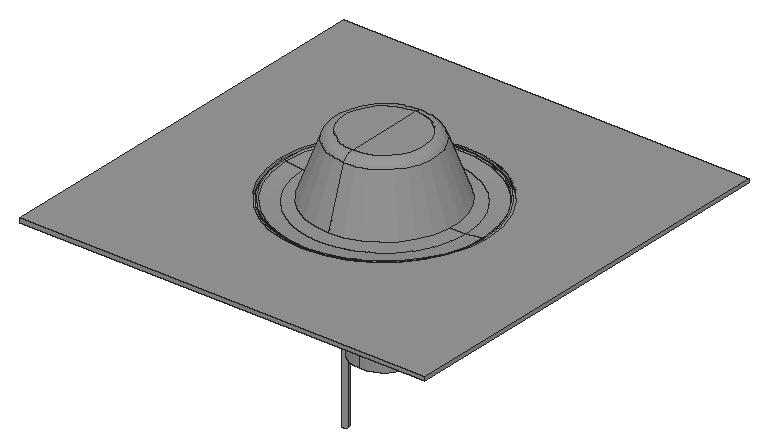
Revit family "HL_Dachablauf_HL62.1H-B-221103", category Instalační zařizovací předměty, Revit 2021
Family settings
  Kóta kulaté spojky = Použít průměr
  Typ dílu = Normální
  Číslo OmniClass = 23.70.50.21.24.14
  Nadpis OmniClass = Deck Waste Water Drains
  Založené na pracovní rovině = Ne
  Vždy vertikální = Ano
  Ořezat dutým tvarem při načtení = Ne
  Sdílené = Ne
  Bod výpočtu místnosti = Ano
Parameters
  Výchozí výška = 0 mm
  Výrobce = "HL Hutterer & Lechner GmbH"  # constant formula
  VOLUMENSTROM [instance] = 0.0 L/s
  URL = "http://www.hutterer-lechner.com/de/products/catalog/roof-drains/HL62.1H/7.aspx"
  RECHTSAUSKUNFT = "Urheberrechte (©), Designrechte und alle anderen Rechte am geistigen Eigentum, sind ausschließlich Eigentum der Firma HL Hutterer&Lechner GmbH. Änderungen sind nicht gestattet. Die Familien (Teile) sind mit Wasserzeichen geschützt."
  MATERIAL = "PP"
  LEISTUNG = "9,9 l/s"
  GEWICHT = "1,99 [kg]"
  EINLAUFROST = "Laubfangkorb d 145mm"
  EINBAUHÖHE = "100 mm"
  EAN = "9003076806225"
  DURCHMESSER = 75 mm
  DIMENSION = "DN75"
  Abdeckung Material [instance] = none
  Přípoj ventilace = no
  Přípoj odpadních dílů = yes
  Přípoj HW = no
  Přípoj CW = no
  Popis = "Dachabläufe"
  Model = "HL62.1H_7"
  Assembly Code = " "
  Type Comments = "HL62.1H/7 Dachablauf DN75 mit Bitumenmanschette und Heizung (10_30W/230V),"
  Keynote = "HL62.1H_7"
  Einbauhöhe [instance] = 0 mm
  G [instance] = 180.00°  # constant formula
  D [instance] = if(DURCHMESSER = 160 mm, 64.6 mm, 71.7 mm) + Einbauhöhe  # 71.7 mm
  C [instance] = if(Einbauhöhe - 68 mm < 0 mm, 0 mm, Einbauhöhe - 68 mm)  # 0 mm
  B [instance] = 100 mm  # constant formula
  A [instance] = if(B - 100 mm > 15 mm, B - 100 mm, 15 mm)  # 15 mm
Types (5, lengths in mm): name | URL | LEISTUNG | GEWICHT | EAN | DURCHMESSER | DIMENSION | Model | Type Comments | Keynote | D
  (no name) | "http://www.hutterer-lechner.com/de/products/catalog/roof-drains/HL62.1H/7.aspx" | "9,9 l/s" | "1,99 [kg]" | "9003076806225" | 75 | "DN75" | "HL62.1H_7" | "HL62.1H/7 Dachablauf DN75 mit Bitumenmanschette und Heizung (10_30W/230V)," | "HL62.1H_7" | 71.7
  HL_Dachablauf_HL62.1H_1 | "http://www.hutterer-lechner.com/de/products/catalog/roof-drains/HL62.1H/1.aspx" | "10,7 l/s" | "1,97 [kg]" | "9003076816217" | 110 | "DN110" | "HL62.1H_1" | "HL62.1H/1 Dachablauf DN110 mit Bitumenmanschette und Heizung (10_30W/230V)," | "HL62.1H_1" | 71.7
  HL_Dachablauf_HL62.1H_2 | "http://www.hutterer-lechner.com/de/products/catalog/roof-drains/HL62.1H/2.aspx" | "14,0 l/s" | "1,97 [kg]" | "9003076826216" | 125 | "DN125" | "HL62.1H_2" | "HL62.1H/2 Dachablauf DN125 mit Bitumenmanschette und Heizung (10_30W/230V)," | "HL62.1H_2" | 71.7
  HL_Dachablauf_HL62.1H_5 | "http://www.hutterer-lechner.com/de/products/catalog/roof-drains/HL62.1H/5.aspx" | "14,1 l/s" | "2 [kg]" | "9003076836215" | 160 | "DN160" | "HL62.1H_5" | "HL62.1H/5 Dachablauf DN160 mit Bitumenmanschette und Heizung (10_30W/230V)," | "HL62.1H_5" | 64.6
  HL_Dachablauf_HL62.1H_7 | "http://www.hutterer-lechner.com/de/products/catalog/roof-drains/HL62.1H/7.aspx" | "9,9 l/s" | "1,99 [kg]" | "9003076806225" | 75 | "DN75" | "HL62.1H_7" | "HL62.1H/7 Dachablauf DN75 mit Bitumenmanschette und Heizung (10_30W/230V)," | "HL62.1H_7" | 71.7
Reference planes
  plane 1 "Center (Front/Back)": y = 0
  plane 2: z = 0
  plane 3 "Center (Left/Right)": x = 0
  plane 4: z = -100
  plane 5: z = 0
Lines and regions (mm)
  model lines, style "InvisibleLines"
    curve 1: line (0, 0, 0) -> (0, 0, 20)
  model lines, style "PlumbingFixtures", detail levels coarse+medium
    curve 2: line (0, 0, -100) -> (0, 0, -85)
    curve 3: line (0, 0, -85) -> (-85, 0, 0)
    curve 4: line (0, 0, -85) -> (85, 0, 0)
    curve 6: line (0, 0, -100) -> (0, 0, -171.7)
  reference lines, not visible
    curve 5: line (0, 0, -100) -> (0, 0, -171.7)
  symbolic lines, style "PlumbingFixtures", detail levels coarse+medium
    curve 7: line (-75, 75, 0) -> (75, 75, 0)
    curve 8: line (-75, -75, 0) -> (-75, 75, 0)
    curve 9: line (75, -75, 0) -> (-75, -75, 0)
    curve 10: line (75, 75, 0) -> (75, -75, 0)
    curve 11: line (-75, 75, 0) -> (-145.711, 145.711, 0)
    curve 12: line (75, 75, 0) -> (145.711, 145.711, 0)
    curve 13: line (-75, -75, 0) -> (-145.711, -145.711, 0)
    curve 14: line (75, -75, 0) -> (145.711, -145.711, 0)
  symbolic lines, style "PlumbingFixtures", not visible, detail levels coarse+medium
    curve 15: line (-75, 75, 0) -> (75, 75, 0)
    curve 16: line (-75, -75, 0) -> (-75, 75, 0)
    curve 17: line (75, -75, 0) -> (-75, -75, 0)
    curve 18: line (75, 75, 0) -> (75, -75, 0)
    curve 19: line (-75, 75, 0) -> (-145.711, 145.711, 0)
    curve 20: line (75, 75, 0) -> (145.711, 145.711, 0)
    curve 21: line (-75, -75, 0) -> (-145.711, -145.711, 0)
    curve 22: line (75, -75, 0) -> (145.711, -145.711, 0)
Text (mm)
  text "FLOOR" at (-162.344, 0, -10.979), in view "Drain Construction View"
Dimensions and locks
  "B": plane 2 to plane 4
  "Einbauhöhe": plane 2 to plane 5
  "A": curve 4 to plane 4
  "D": curve 5 to curve 5
  "D": curve 6 to curve 6
  locked: curve 4 to plane 3 "Center (Left/Right)" (angle 45.00°)
  locked: plane 3 "Center (Left/Right)" to curve 3 (angle 45.00°)
  "G": angle curve 5 to plane 3 "Center (Left/Right)"
  aligned and locked: level to plane 2
  aligned and locked: plane 2 to curve 4
  aligned and locked: plane 2 to curve 3
  aligned and locked: plane 4 to curve 5
  aligned and locked: plane 3 "Center (Left/Right)" to curve 5
  aligned and locked: plane 4 to curve 2
  aligned and locked: curve 6 to plane 3 "Center (Left/Right)"
  aligned and locked: curve 6 to plane 4
  aligned and locked: nested 1 to plane 5
  aligned and locked: nested 1 to plane 3 "Center (Left/Right)"
  aligned and locked: plane 2 to nested 2
  aligned and locked: plane 3 "Center (Left/Right)" to nested 2
Automatic sketch dimensions
  curve 2 to plane 3 "Center (Left/Right)" = 0 mm
  curve 1 to plane 3 "Center (Left/Right)" = 0 mm
  curve 1 to level = 0 mm
  level to curve 1 = 20 mm
Nested families
  nested 1: "HL_Dachablaufkörper_HL62.1H" at (0, 0, -4.7), DURCHMESSER <- "DURCHMESSER", type "HL_Dachablaufkörper_HL62.1H"
    with OOD 48 mm, L 65 mm, DURCHMESSER 75 mm
  nested 2: "HL_Zubehör_HL062.1E" at (0, 0, 0), type "HL_Zubehör_HL062.1E"
Connectors
  piping at (0, 0, -171.7), diameter 75, driven by "VOLUMENSTROM", driven by "DURCHMESSER"
    settings: on curve 5, index 1, connector inside diameter 609.6 mm, connector length 0 mm, flow factor 0, pipe flow 0.0 L/s, pressure drop 0.0 Pa, fitting loss kfactor 0, connector angle 0.00°, fixture units 0, engagement length 0 mm, angle of deflection 0.00°, flow configuration 1, flow direction 2, fitting loss method 0, system type 16, joint type 0, gender type 0, connector reference index -1, connector utility 0, adjustable connector yes, is connector primary yes, connector description ""
Definition of nested family "HL_Dachablaufkörper_HL62.1H"
  Parameters (values of type "HL_Dachablaufkörper_HL62.1H")
    Default Elevation = 0 mm
    Manufacturer = ""
    URL = ""
    Description = ""
    OOD [instance] = if(DURCHMESSER = 75 mm, 48 mm, if(DURCHMESSER = 110 mm, 63.7 mm, if(DURCHMESSER = 125 mm, 69 mm, if(DURCHMESSER = 160 mm, 111 mm, 0 mm))))  # 63.7 mm
    Model = ""
    L [instance] = if(DURCHMESSER = 160 mm, 57.9 mm, 65 mm)  # 65 mm
    Type Comments = ""
    DURCHMESSER [instance] = 110 mm
    Cost = 0
  Reference planes
    plane 1 "Střed (vpředu/vzadu)": y = 0
    plane 2: z = 0
    plane 3 "Střed (vlevo/vpravo)": x = 0
    plane 4: z = -102.02
  Forms (mm)
    Revolve 1, solid, detail levels fine
      sketch origin (0, 0, 0) x (1, 0, 0) y (0, 0, 1)
        loop
          line (-77.396, -30.784) -> (-82.772, -25.408) -> (-82.772, -4.05) -> (-102.772, -4.05) -> (-113.899, 0) -> (-177, 0) -> (-177, -3) -> (-127.89, -3) -> (-105.416, -11.18) -> (-88.084, -11.18) -> (-88.084, -27.167) -> (-79.985, -31.474) -> (-79.985, -102.02) -> (0, -102.02) -> (0, -35.37) -> (-76.081, -35.37) -> (-77.396, -30.784)
        axis (0, 0) -> (0, -102.02)
      angle from 0 to 360
    Extrusion 2, solid, detail levels fine
      sketch origin (0, 0, 0) x (1, 0, 0) y (0, 1, 0)
        loop
          line (-250, 250) -> (-250, -250) -> (250, -250) -> (250, 250) -> (-250, 250)
        loop
          circle (0, 0) r 127.89
      from 0 to 4.7
    Sweep 3, solid, detail levels fine
      path origin (-63.7, 0, -263.782) x (0, 0, 1) y (-1, 0, 0)
        loop
          line (0, 0) -> (166.285, 0)
          arc (166.285, 0) -> (176.156, -4.089) -> (180.245, -13.96) r 13.96
          line (180.245, -13.96) -> (180.245, -31.056)
      profile origin (-63.7, 0, -180.64) x (-1, 0, 0) y (0, -1, 0)
        loop
          circle (0, 0) r 4
    Revolve 4, solid, detail levels fine
      sketch origin (0, 0, 0) x (1, 0, 0) y (0, 0, 1)
        loop
          line (-124.587, 4.544) -> (-123.526, 3.482) -> (-101.674, 0.256) -> (-79.715, 0.256) -> (-79.715, -21.456) -> (-75.875, -21.456) -> (-75.875, -25.656) -> (-74.936, -25.656) -> (-74.936, -20.879) -> (-79.089, -20.879) -> (-79.089, 1.344) -> (-101.196, 1.344) -> (-121.893, 3.519) -> (-123.356, 4.544) -> (-124.587, 4.544)
        axis (0, 4.544) -> (0, -25.656)
      angle from 0 to 360
    Extrusion 5, solid, detail levels fine
      sketch origin (-79.985, 0, -102.02) x (0, -1, 0) y (-1, 0, 0)
        loop
          circle (0, -79.985) r 55
      from 0 to 65
  Lines and regions (mm)
    reference lines
      curve 1: line (-63.7, 0, -263.782) -> (-63.7, 0, -203.782)
  Dimensions and locks
    "OOD": plane 3 "Střed (vlevo/vpravo)" to curve 1
    "L": plane 4 to Extrusion 5
    "DURCHMESSER": diameter of Extrusion 5 sketch curve
    aligned and locked: level to plane 2
    aligned and locked: Extrusion 5 to plane 4
  Automatic sketch dimensions
    Revolve 1 sketch curve to level = 0 mm
    Revolve 1 sketch curve to plane 3 "Střed (vlevo/vpravo)" = 0 mm  (x2)
    Revolve 1 sketch curve to level = 35.37 mm
    Revolve 1 sketch curve to plane 3 "Střed (vlevo/vpravo)" = 76.081 mm
    Revolve 1 sketch curve to level = 30.784 mm
    Revolve 1 sketch curve to Revolve 1 sketch curve = 1.315 mm
    Revolve 1 sketch curve to Revolve 1 sketch curve = 3.904 mm
    Revolve 1 sketch curve to level = 4.05 mm
    Revolve 1 sketch curve to Revolve 1 sketch curve = 5.376 mm
    Revolve 1 sketch curve to Revolve 1 sketch curve = 5.312 mm
    Revolve 1 sketch curve to Revolve 1 sketch curve = 14.688 mm
    Revolve 1 sketch curve to Revolve 1 sketch curve = 2.644 mm
    Revolve 1 sketch curve to Revolve 1 sketch curve = 11.127 mm
    Revolve 1 sketch curve to level = 3 mm
    Revolve 1 sketch curve to Revolve 1 sketch curve = 13.991 mm
    Revolve 1 sketch curve to Revolve 1 sketch curve = 49.11 mm
    Revolve 1 sketch curve to Revolve 1 sketch curve = 66.65 mm
    Revolve 1 sketch curve to Revolve 1 sketch curve = 0.689 mm
    Revolve 1 sketch curve to Revolve 1 sketch curve = 4.306 mm
    Revolve 1 sketch curve to Revolve 1 sketch curve = 1.759 mm
    Revolve 1 sketch curve to Revolve 1 sketch curve = 7.13 mm
    Revolve 1 sketch curve to Revolve 1 sketch curve = 197.98 mm
    level to Revolve 1 sketch curve = 295.621 mm
    plane 1 "Střed (vpředu/vzadu)" to Extrusion 2 sketch curve = 0 mm
    Extrusion 2 sketch curve to plane 3 "Střed (vlevo/vpravo)" = 0 mm
    Extrusion 2 sketch curve to plane 3 "Střed (vlevo/vpravo)" = 250 mm
    plane 3 "Střed (vlevo/vpravo)" to Extrusion 2 sketch curve = 250 mm
    plane 1 "Střed (vpředu/vzadu)" to Extrusion 2 sketch curve = 250 mm
    Extrusion 2 sketch curve to plane 1 "Střed (vpředu/vzadu)" = 250 mm
    plane 1 "Střed (vpředu/vzadu)" to Sweep 3 sketch curve = 0 mm
    Sweep 3 sketch curve to profile plane = 0 mm
    Revolve 4 sketch curve to plane 3 "Střed (vlevo/vpravo)" = 0 mm
    Revolve 4 sketch curve to level = 25.656 mm
    Revolve 4 sketch curve to plane 3 "Střed (vlevo/vpravo)" = 74.936 mm
    Revolve 4 sketch curve to Revolve 4 sketch curve = 0.939 mm
    level to Revolve 4 sketch curve = 1.344 mm
    Revolve 4 sketch curve to Revolve 4 sketch curve = 4.153 mm
    Revolve 4 sketch curve to Revolve 4 sketch curve = 0.626 mm
    Revolve 4 sketch curve to Revolve 4 sketch curve = 21.481 mm
    level to Revolve 4 sketch curve = 0.256 mm
    Revolve 4 sketch curve to Revolve 4 sketch curve = 0.479 mm
    level to Revolve 4 sketch curve = 3.519 mm
    Revolve 4 sketch curve to Revolve 4 sketch curve = 20.219 mm
    level to Revolve 4 sketch curve = 4.544 mm
    Revolve 4 sketch curve to Revolve 4 sketch curve = 1.463 mm
    level to Revolve 4 sketch curve = 3.482 mm
    Revolve 4 sketch curve to Revolve 4 sketch curve = 0.169 mm
    Revolve 4 sketch curve to Revolve 4 sketch curve = 1.231 mm
    Revolve 4 sketch curve to Revolve 4 sketch curve = 4.2 mm
    Revolve 4 sketch curve to Revolve 4 sketch curve = 0.577 mm
    Revolve 4 sketch curve to Revolve 4 sketch curve = 274.344 mm
    level to Revolve 4 sketch curve = 295.621 mm
    Sweep 3 sketch curve to curve 1 = 0 mm  (x2)
    Sweep 3 sketch curve to Sweep 3 sketch curve = 17.096 mm
    curve 1 to Sweep 3 sketch curve = 13.96 mm
    curve 1 to Sweep 3 sketch curve = 106.285 mm
    plane 4 to curve 1 = 161.762 mm
    curve 1 to curve 1 = 60 mm
    plane 1 "Střed (vpředu/vzadu)" to Extrusion 5 sketch curve = 0 mm
    Extrusion 5 sketch curve to plane 3 "Střed (vlevo/vpravo)" = 0 mm
    radius of Extrusion 2 sketch curve = 127.89 mm
    radius of Sweep 3 sketch curve = 4 mm
Definition of nested family "HL_Zubehör_HL062.1E"
  Parameters (values of type "HL_Zubehör_HL062.1E")
    Default Elevation = 0 mm
    Manufacturer = "HL Hutterer & Lechner GmbH"
    URL = "http://www.hutterer-lechner.com/de/products/catalog/roof-drains/HL062.1E.aspx"
    Abdeckung Material = none
    RECHTSAUSKUNFT = "Urheberrechte (©), Designrechte und alle anderen Rechte am geistigen Eigentum, sind ausschließlich Eigentum der Firma HL Hutterer&Lechner GmbH. Änderungen sind nicht gestattet. Die Familien (Teile) sind mit Wasserzeichen geschützt."
    Description = "Dachabläufe"
    Model = "HL062.1E"
    Type Comments = "HL062.1E, Laubfangkorb"
    Keynote = "HL062.1E"
    GEWICHT = "0,097 [kg]"
    Volumenstrom [instance] = 0.0 L/s
    EAN = "9003076006212"
    Cost = 0
  Values of the unnamed type that differ from the named types
    Manufacturer = ""
    URL = ""
    RECHTSAUSKUNFT = ""
    Description = ""
    Model = ""
    Type Comments = "HL062.1E, domed plastic grate"
    Keynote = ""
  Reference planes
    plane 1 "Střed (vpředu/vzadu)": y = 0
    plane 2: z = 0
    plane 3 "Střed (vlevo/vpravo)": x = 0
  Forms (mm)
    Revolve 1, solid, detail levels fine
      sketch origin (0, 0, 0) x (0, 1, 0) y (0, 0, 1)
        loop
          line (0, 75) -> (0, 60.2) -> (47.074, 60.2) -> (68.985, 0) -> (86.249, 0) -> (61.992, 66.646)
          arc (61.992, 66.646) -> (56.733, 72.731) -> (49.016, 75) r 14.255
          line (49.016, 75) -> (0, 75)
        axis (0, 75) -> (0, 0)
      angle from 0 to 360
    Extrusion 2, solid, detail levels fine
      sketch origin (0, 0, 0) x (0, 1, 0) y (1, 0, 0)
        loop
          circle (0, 0) r 78.587
        loop
          circle (0, 0) r 70.981
      from 0 to 16.7
    Extrusion 3, solid, detail levels fine
      sketch origin (0, 0, -16.7) x (-1, 0, 0) y (0, 1, 0)
        loop
          circle (0, 0) r 70
        loop
          circle (0, 0) r 74.546
      from 0 to 12.3
  Dimensions and locks
    aligned and locked: level to plane 2
